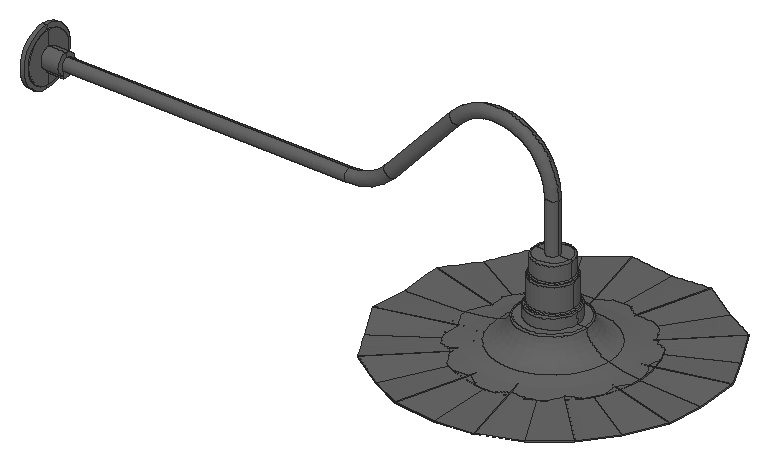
Revit family "Radial 8,12,16,18,20,24 MB", category Lighting Fixtures, Revit 2020
Family settings
  Round Connector Dimension = Use Diameter
  Part Type = Normal
  OmniClass Number = 23.80.70.00
  OmniClass Title = Lighting
  Work Plane-Based = No
  Always vertical = Yes
  Cut with Voids When Loaded = No
  Light Source = Yes
  Shared = No
  Room Calculation Point = No
Parameters (values of type "R924")
  b = 0' - 2"
  a = 0' - 11"
  Weight = "3.0 lbs"
  Wattage Comments = "200 W Max"
  Wattage = 20.1963 W
  Warranty = "5 year limited warranty"  # constant formula
  built-in parameter 1150110 = 1 (stored number, unit not read)
  Voltage = 277 V  # constant formula
  URL = "https://www.anplighting.com/assets/Uploads/product-attachments/specification-sheets/ANP-Specification-Sheet-RLM-MB-R924.pdf"
  built-in parameter 1114217 = 1 (stored number, unit not read)
  Tilt Angle = 90.00°
  built-in parameter 1150109 = 1 (stored number, unit not read)
  built-in parameter 1150134 = 12
  built-in parameter 1150113 = 1 (stored number, unit not read)
  R924 = yes
  R920 = no
  R918 = no
  R916 = no
  R912 = no
  R908 = no
  Photometric Web File = "R920-200GLCL-200INC-T15298.IES"
  Mounting Option [instance] = 4
  Power Factor = 1
  Post Mount [instance] = Mounting Option = 5  # no
  Placement X axis side [instance] = if(Post Mount, 2' 2 15/32", if(Cord or Stem Mount, 0' 0", if(E36 20 inch, 1' 8 1/4", if(E 6 26 inch, 2' 2", if(E7 41 inch, 3' 5 1/4", 0' 1")))))  # 3' - 5 1/4"
  Model = "R924"
  Manufacturer = "ANP Lighting"  # constant formula
  built-in parameter 1150105 = 464.54 (stored number, unit not read)
  Lumens = 3000 lm
  built-in parameter 1150115 = 1 (stored number, unit not read)
  Load Classification = Lighting
  Light Source Height [instance] = 0' - 0"
  built-in parameter 1150137 = (empty or 0)
  built-in parameter 1150139 = (empty or 0)
  Light Elevation _2 [instance] = if(Post Mount, 0' 0.66142", if(E7 41 inch, 0' 0.66142", if(E36 20 inch, 0' 1.65748", if(E 6 26 inch, 0' 1.53543", if(Cord or Stem Mount, (0' 4.3622" + Cord Length), 0' 0")))))  # 0' - 0.66142"
  Light Elevation _1 [instance] = if(Post Mount, 0' 0", if(E7 41 inch, 0' 0", if(E36 20 inch, 0' 1", if(E 6 26 inch, 0' 0.87402", if(Cord or Stem Mount, (0' 3.66142" + Cord Length), 0' 0")))))  # 0' - 0"
  Light Elevation [instance] = if(Post Mount, 14' 0.5315", if(E7 41 inch, 0' 0", 0' 0"))  # 0' - 0"
  Life = "L70 50,000 hours"  # constant formula
  built-in parameter 1150112 = 1 (stored number, unit not read)
  built-in parameter 1150114 = 1 (stored number, unit not read)
  Lamp = "MB"  # constant formula
  built-in parameter 1150132 = 2
  built-in parameter 1150102 = (empty or 0)
  built-in parameter 1150107 = 4000 (stored number, unit not read)
  built-in parameter 1150138 = (empty or 0)
  built-in parameter 1150106 = 4.6454 (stored number, unit not read)
  INSIDE BODY = Default
  Fixture Height = 0' - 7"
  Fixture Diameter = 2' - 0"
  Efficiency = "65-125 lumens per watt"  # constant formula
  built-in parameter 1150104 = 13.8 (stored number, unit not read)
  E7 41 inch [instance] = Mounting Option = 4  # yes
  E36 20 inch [instance] = Mounting Option = 3  # no
  E 6 26 inch [instance] = Mounting Option = 2  # no
  Dimming Lamp Color Temperature Shift = <None>
  Dimming = "1%"  # constant formula
  Description = "120-277 Voltage"  # constant formula
  Default Elevation = 0' - 0"
  Cord or Stem Mount [instance] = Mounting Option = 1  # no
  Cord Length option [instance] = 0
  Cord Length [instance] = if([2' Cord], 2' 0", if([4' Cord], 4' 0", if([8' Cord], 8' 0", if([10' Cord], 10' 0", if([6' Cord], 6' 0", 6' 0")))))  # 6' - 0"
  Construction Material = "Heavy Duty spun aluminum."  # constant formula
  Color Filter = 16777215
  Canopy Body = body
  CRI = ">90"  # constant formula
  Bulb = Glass
  Body Material = body
  Body Colour = "Spun aluminium"  # constant formula
  built-in parameter 1114218 = 1 (stored number, unit not read)
  built-in parameter 1150133 = 10 (stored number, unit not read)
  Apparent Load = 200 VA
  8' Cord [instance] = Cord Length option = 8  # no
  6' Cord [instance] = Cord Length option = 6  # no
  4' Cord [instance] = Cord Length option = 4  # no
  2' Cord [instance] = Cord Length option = 2  # no
  10' Cord [instance] = Cord Length option = 10  # no
Reference planes (in)
  plane 1 "Light Source Axis (F/B)": y = 0
  plane 2: z = 0
  plane 3 "Light Source Axis (L/R)": x = 0
  plane 4 "Light Source Elevation": z = 0
  plane 5: z = 0
  plane 6: x = 41.25
  plane 7 "Bulb Position": z = -0.66142
  plane 8 "Canopy Position": z = 0
  plane 9 "IES": z = -0.66142
  plane 10: z = 164.5315
  plane 11: z = -11
  plane 12: z = -9
  plane 13: z = -6.56887
Dimensions and locks (in)
  "Light Elevation": plane 5 to plane 2
  "Placement X axis side": plane 6 to plane 3 "Light Source Axis (L/R)"
  "Light Elevation _2": plane 5 to plane 7 "Bulb Position"
  "Light Elevation _1": plane 5 to plane 8 "Canopy Position"
  "Light Source Height": plane 7 "Bulb Position" to plane 9 "IES"
  plane 4 "Light Source Elevation" to plane 2 = 0' - 0"
  "a": plane 8 "Canopy Position" to plane 11
  "b": plane 12 to plane 11
  locked: plane 13 to plane 12 at 2.43113
  aligned and locked: level to plane 2
  aligned and locked: plane 1 "Light Source Axis (F/B)" to nested 5
  aligned and locked: nested 5 to plane 2
  aligned and locked: nested 1 to plane 3 "Light Source Axis (L/R)"
  aligned and locked: plane 3 "Light Source Axis (L/R)" to nested 2
  aligned and locked: plane 3 "Light Source Axis (L/R)" to nested 4
  aligned and locked: nested 3 to plane 5
  aligned and locked: plane 3 "Light Source Axis (L/R)" to nested 3
  aligned and locked: plane 3 "Light Source Axis (L/R)" to nested 5
  aligned and locked: plane 1 "Light Source Axis (F/B)" to nested 2
  aligned and locked: plane 1 "Light Source Axis (F/B)" to nested 1
  aligned and locked: plane 1 "Light Source Axis (F/B)" to nested 4
  aligned and locked: plane 1 "Light Source Axis (F/B)" to nested 3
  aligned and locked: plane 2 to nested 1
  aligned and locked: nested 2 to plane 2
  aligned and locked: nested 4 to plane 2
  aligned and locked: plane 6 to imposter light
  aligned and locked: imposter light to plane 12
  aligned and locked: nested 6 to plane 8 "Canopy Position"
  aligned and locked: nested 7 to plane 8 "Canopy Position"
  aligned and locked: nested 8 to plane 8 "Canopy Position"
  aligned and locked: nested 9 to plane 8 "Canopy Position"
  aligned and locked: nested 10 to plane 8 "Canopy Position"
  aligned and locked: nested 11 to plane 8 "Canopy Position"
  aligned and locked: plane 6 to nested 6
  aligned and locked: plane 6 to nested 7
  aligned and locked: plane 6 to nested 8
  aligned and locked: plane 6 to nested 9
  aligned and locked: plane 6 to nested 10
  aligned and locked: plane 6 to nested 11
Nested families (in)
  nested 1: "CORD OR STEM MOUNT" at (0, 0, -75.67), visible <- "Cord or Stem Mount", Cord or Stem Mount <- "Cord or Stem Mount", Body Material <- "Body Material", Light Elevation <- "Light Elevation", Cord Length <- "Cord Length", 10' Cord <- "10' Cord", 2' Cord <- "2' Cord", 4' Cord <- "4' Cord", 6' Cord <- "6' Cord", 8' Cord <- "8' Cord", type "CORD OR STEM MOUNT"
    with Light Elevation 0' - 0", Cord or Stem Mount no, Cord Length 6' - 0", Body Material body, 8' Cord no, 6' Cord no, 4' Cord no, 2' Cord no, 10' Cord no
  nested 2: "E6 26 INCH" at (41.25, 0, 0), visible <- "E 6 26 inch", Chain Length <- "Cord Length", E 6 26 inch <- "E 6 26 inch", Placement X axis side <- "Placement X axis side", Body Material <- "Body Material", Light Elevation <- "Light Elevation", type "E6 26 INCH"
    with Placement X axis side 3' - 5 1/4", Light Elevation 0' - 0", E 6 26 inch no, Chain Length 6' - 0", Body Material body
  nested 3: "E7 41 INCH" at (41.25, 0, 0), Chain Length <- "Cord Length", visible <- "E7 41 inch", E7 41 inch <- "E7 41 inch", Placement X axis side <- "Placement X axis side", Body Material <- "Body Material", Light Elevation <- "Light Elevation", type "E7 41 INCH"
    with Placement X axis side 3' - 5 1/4", Light Elevation 0' - 0", E7 41 inch yes, Chain Length 6' - 0", Body Material body
  nested 4: "E36 20 INCH" at (41.25, 0, 0), visible <- "E36 20 inch", E36 20 inch <- "E36 20 inch", Placement X axis side <- "Placement X axis side", Chain Length <- "Cord Length", Body Material <- "Body Material", Light Elevation <- "Light Elevation", type "E36 20 INCH"
    with Placement X axis side 3' - 5 1/4", Light Elevation 0' - 0", E36 20 inch no, Chain Length 6' - 0", Body Material body
  nested 5: "POST MOUNT" at (41.25, 0, 0), visible <- "Post Mount", Post Mount <- "Post Mount", Placement X axis side <- "Placement X axis side", Chain Length <- "Cord Length", Body Material <- "Body Material", Light Elevation <- "Light Elevation", type "POST MOUNT"
    with Post Mount no, Placement X axis side 3' - 5 1/4", Light Elevation 0' - 0", Chain Length 6' - 0", Body Material body
  nested 6: "R908_1" at (41.25, 0, 0), Body <- "Canopy Body", Light Elevation <- "Light Elevation", visible <- "R908", R908 <- "R908", type "R908_1"
    with R908 no, Light Elevation 0' - 0", Body body
  nested 7: "R912_1" at (41.25, 0, 0), Body <- "Canopy Body", Light Elevation <- "Light Elevation", visible <- "R912", R912 <- "R912", type "R912_1"
    with R912 no, Light Elevation 0' - 0", Body body
  nested 8: "R916_1" at (41.25, 0, 0), Body <- "Canopy Body", Light Elevation <- "Light Elevation", visible <- "R916", R916 <- "R916", type "R916_1"
    with R916 no, Light Elevation 0' - 0", Body body
  nested 9: "R918_1" at (41.25, 0, 0), Body <- "Canopy Body", Light Elevation <- "Light Elevation", visible <- "R918", R918 <- "R918", type "R918_1"
    with R918 no, Light Elevation 0' - 0", Body body
  nested 10: "R920_1" at (41.25, 0, 0), Body <- "Canopy Body", Light Elevation <- "Light Elevation", visible <- "R920", R920 <- "R920", type "R920_1"
    with R920 no, Light Elevation 0' - 0", Body body
  nested 11: "R924_1" at (41.25, 0, 0), Body <- "Canopy Body", Light Elevation <- "Light Elevation", visible <- "R924", R924 <- "R924", type "R924_1"
    with R924 yes, Light Elevation 0' - 0", Body body
Definition of nested family "E7 41 INCH"
  Parameters (values of type "E7 41 INCH")
    URL = ""
    Placement X axis side [instance] = 4' - 2"
    Model = ""
    Manufacturer = ""
    Light Elevation [instance] = 8' - 4"
    E7 41 inch [instance] = yes
    Default Elevation = 0' - 0"
    Chain Length [instance] = 0' - 0"
    Body Material [instance] = none
  Reference planes (in)
    plane 1 "Light Source Axis (F/B)": y = 0
    plane 2: z = 0
    plane 3 "Light Source Axis (L/R)": x = 0
    plane 4 "Light Source Elevation": z = 23.125
    plane 5: z = 100
    plane 6: x = -50
  Forms (in)
    Extrusion 1, void, not visible
      sketch origin (0, 0, 2.38154) x (1, 0, 0) y (0, 0, 1)
        loop
          circle (0, 4.59925) r 0.16583
      from 1.18594 to 1.75
    Extrusion 2, void, not visible
      sketch origin (0, 0, 2.38154) x (0.707107, -0.707107, 0) y (0, 0, 1)
        loop
          circle (0, 4.59925) r 0.16583
      from 1.18594 to 1.75
    Extrusion 3, void, not visible
      sketch origin (0, 0, 2.38154) x (0.707107, 0.707107, 0) y (0, 0, 1)
        loop
          circle (0, 4.59925) r 0.16583
      from 1.18594 to 1.75
    Extrusion 4, void, not visible
      sketch origin (0, 0, 2.38154) x (0, 1, 0) y (0, 0, 1)
        loop
          circle (0, 4.59925) r 0.16583
      from 1.18594 to 1.75
    Extrusion 5, void, not visible
      sketch origin (0, 0, 2.38154) x (-0.707107, 0.707107, 0) y (0, 0, 1)
        loop
          circle (0, 4.59925) r 0.16583
      from 1.18594 to 1.75
    Extrusion 6, void, not visible
      sketch origin (0, 0, 2.38154) x (-1, 0, 0) y (0, 0, 1)
        loop
          circle (0, 4.59925) r 0.20678
      from 1.18594 to 1.75
    Extrusion 7, void, not visible
      sketch origin (0, 0, 2.38154) x (-0.707107, -0.707107, 0) y (0, 0, 1)
        loop
          circle (0, 4.59925) r 0.16583
      from 1.18594 to 1.75
    Extrusion 8, void, not visible
      sketch origin (0, 0, 2.38154) x (0, -1, 0) y (0, 0, 1)
        loop
          circle (0, 4.59925) r 0.16583
      from 1.18594 to 1.75
    Revolve 9, solid, material <- "Body Material", visible <- "E7 41 inch"
      sketch origin (-41.25, 0, 168.39193) x (1, 0, 0) y (0, 0, 1)
        loop
          line (-8.75, -66.20443) -> (-8.75, -68.51693) -> (-6.87, -68.51693) -> (-6.87, -67.69272) -> (-8.2974, -67.69272) -> (-8.2974, -66.54122) -> (-8.41875, -66.54122) -> (-8.41875, -66.20443) -> (-8.75, -66.20443)
        axis (-8.75, -68.51693) -> (-6.87, -68.51693)
      angle from 0 to 360
    Extrusion 10, solid, material <- "Body Material", visible <- "E7 41 inch"
      sketch origin (-41.25, 0, 168.39193) x (0, -1, 0) y (0, 0, -1)
        loop
          line (0.25, 68.51693) -> (0.25, 69.51693) -> (-0.25, 69.51693) -> (-0.25, 68.51693) -> (0.25, 68.51693)
      from -8.2974 to -6.87
    Sweep 11, solid, material <- "Body Material", visible <- "E7 41 inch"
      path origin (-41.25, 0, 168.39193) x (1, 0, 0) y (0, 0, 1)
        loop
          line (-6.87, -68.51693) -> (16.04011, -68.51693)
          arc (16.04011, -68.51693) -> (17.864, -68.13651) -> (19.38375, -67.0587) r 4.5625
          line (19.38375, -67.0587) -> (24.70217, -61.33018)
          arc (24.70217, -61.33018) -> (29.64465, -60.20324) -> (32.5, -64.39193) r 4.5
          line (32.5, -64.39193) -> (32.5, -68.39193)
      profile origin (-36.66494, 0, 99.875) x (0, 0, 1) y (0, -1, 0)
        loop
          circle (0, 0) r 0.5
  Dimensions and locks (in)
    "Placement X axis side": plane 3 "Light Source Axis (L/R)" to plane 6
    "Light Elevation": plane 5 to plane 2
    locked: Revolve 9 sketch curve to Revolve 9 sketch curve at 0.33125
    locked: Revolve 9 sketch curve to Revolve 9 sketch curve at 0.4526
    locked: Revolve 9 sketch curve to Revolve 9 sketch curve at 1.88
    locked: Revolve 9 sketch curve to Revolve 9 sketch curve at 0.82421
    locked: Revolve 9 sketch curve to Revolve 9 sketch curve at 1.1515
    locked: Revolve 9 sketch curve to Revolve 9 sketch curve at 0.33679
    locked: plane 5 to Revolve 9 sketch curve at 0.125
    locked: Extrusion 10 sketch curve to Extrusion 10 sketch curve at 0.5
    locked: Extrusion 10 sketch curve to Extrusion 10 sketch curve at 1
    locked: plane 5 to Extrusion 10 sketch curve at 0.125
    locked: plane 5 to Sweep 11 sketch curve at 0.125
    locked: Sweep 11 sketch curve to Sweep 11 sketch curve at 39.37
    locked: Sweep 11 sketch curve to Sweep 11 sketch curve at 4
    locked: plane 6 to Extrusion 10 at 0.4526
    locked: Sweep 11 sketch curve to plane 6 at 1.88
    locked: Extrusion 10 to Extrusion 10 at 1.4274
    aligned and locked: plane 2 to level
    aligned and locked: Revolve 9 sketch curve to plane 6
  Automatic sketch dimensions
    Revolve 9 sketch curve to plane 5 = 0' - 0 1/8"
    plane 6 to Revolve 9 sketch curve = 0' - 0.62562"
    Revolve 9 sketch curve to Revolve 9 sketch curve = 0' - 0 1/2"
    plane 1 "Light Source Axis (F/B)" to Extrusion 10 sketch curve = 0' - 0 1/4"
    Sweep 11 sketch curve to plane 5 = 0' - 0"
    Sweep 11 sketch curve to Sweep 11 sketch curve = 0' - 4 1/2"
    Sweep 11 sketch curve to Sweep 11 sketch curve = 0' - 3.29783"
    plane 5 to Sweep 11 sketch curve = 0' - 1.33323"
    Sweep 11 sketch curve to Sweep 11 sketch curve = 0' - 5.31842"
    Sweep 11 sketch curve to Sweep 11 sketch curve = 0' - 3.34364"
    profile plane to Sweep 11 sketch curve = 0' - 0"
    Sweep 11 sketch curve to profile plane = 0' - 0"
    radius of Sweep 11 sketch curve = 0' - 0 1/2"
Definition of nested family "R924_1"
  Parameters (values of type "R924_1")
    R924 [instance] = yes
    Light Elevation [instance] = 2' - 0.60834"
    Default Elevation = 0' - 0"
    Body [instance] = none
  Reference planes (in)
    plane 1 "Center (Front/Back)": y = 0
    plane 2: z = 0
    plane 3 "Center (Left/Right)": x = 0
    plane 4: z = 24.60834
  Dimensions and locks (in)
    "Light Elevation": plane 4 to plane 2
    aligned and locked: plane 2 to level
    aligned and locked: plane 3 "Center (Left/Right)" to nested 1
    aligned and locked: plane 1 "Center (Front/Back)" to nested 1
    aligned and locked: plane 4 to nested 1
  Nested families (in)
    nested 1: "R924" at (0, 0, 17.60834), body <- "Body", visible <- "R924", R924 <- "R924", type "R924"
      with body none, R924 yes
  Definition of nested family "R924"
    Parameters (values of type "R924")
      body [instance] = none
      R924 [instance] = yes
      Default Elevation = 0' - 0"
    Reference planes (in)
      plane 1 "Center (Front/Back)": y = 0
      plane 2: z = 0
      plane 3 "Center (Left/Right)": x = 0
      plane 4: z = 7
      plane 5: x = 12
      plane 6: x = -12
    Forms (in)
      SweptBlend 1, solid, material <- "body", visible <- "R924"
        path in 3D
          loop
            line (-12, 0, 0.3125) -> (-5, 0, 0.3125)
        profile origin (-12, 0, 0.3125) x (0, 1, 0) y (0, 0, 1)
          loop
            line (0, -0.25) -> (-3.21484, 0) -> (-3.21484, -0.06269) -> (0, -0.31269) -> (3.21484, -0.06269) -> (3.21484, 0) -> (0, -0.25)
        end profile origin (-5, 0, 0.3125) x (0, 1, 0) y (0, 0, 1)
          loop
            line (0, 0) -> (-1.34375, 0) -> (-1.34375, -0.0625) -> (0, -0.0625) -> (1.34375, -0.0625) -> (1.34375, 0) -> (0, 0)
      SweptBlend 2, solid, material <- "body", visible <- "R924"
        path in 3D
          loop
            line (-10.3923, 6, 0.3125) -> (-4.33013, 2.5, 0.3125)
        profile origin (-10.3923, 6, 0.3125) x (0.5, 0.866025, 0) y (0, 0, 1)
          loop
            line (0, -0.25) -> (-3.21484, 0) -> (-3.21484, -0.06269) -> (0, -0.31269) -> (3.21484, -0.06269) -> (3.21484, 0) -> (0, -0.25)
        end profile origin (-4.33013, 2.5, 0.3125) x (0.5, 0.866025, 0) y (0, 0, 1)
          loop
            line (0, 0) -> (-1.34375, 0) -> (-1.34375, -0.0625) -> (0, -0.0625) -> (1.34375, -0.0625) -> (1.34375, 0) -> (0, 0)
      SweptBlend 3, solid, material <- "body", visible <- "R924"
        path in 3D
          loop
            line (-6, 10.3923, 0.3125) -> (-2.5, 4.33013, 0.3125)
        profile origin (-6, 10.3923, 0.3125) x (0.866025, 0.5, 0) y (0, 0, 1)
          loop
            line (0, -0.25) -> (-3.21484, 0) -> (-3.21484, -0.06269) -> (0, -0.31269) -> (3.21484, -0.06269) -> (3.21484, 0) -> (0, -0.25)
        end profile origin (-2.5, 4.33013, 0.3125) x (0.866025, 0.5, 0) y (0, 0, 1)
          loop
            line (0, 0) -> (-1.34375, 0) -> (-1.34375, -0.0625) -> (0, -0.0625) -> (1.34375, -0.0625) -> (1.34375, 0) -> (0, 0)
      SweptBlend 4, solid, material <- "body", visible <- "R924"
        path in 3D
          loop
            line (0, 12, 0.3125) -> (0, 5, 0.3125)
        profile origin (0, 12, 0.3125) x (1, 0, 0) y (0, 0, 1)
          loop
            line (0, -0.25) -> (-3.21484, 0) -> (-3.21484, -0.06269) -> (0, -0.31269) -> (3.21484, -0.06269) -> (3.21484, 0) -> (0, -0.25)
        end profile origin (0, 5, 0.3125) x (1, 0, 0) y (0, 0, 1)
          loop
            line (0, 0) -> (-1.34375, 0) -> (-1.34375, -0.0625) -> (0, -0.0625) -> (1.34375, -0.0625) -> (1.34375, 0) -> (0, 0)
      SweptBlend 5, solid, material <- "body", visible <- "R924"
        path in 3D
          loop
            line (6, 10.3923, 0.3125) -> (2.5, 4.33013, 0.3125)
        profile origin (6, 10.3923, 0.3125) x (0.866025, -0.5, 0) y (0, 0, 1)
          loop
            line (0, -0.25) -> (-3.21484, 0) -> (-3.21484, -0.06269) -> (0, -0.31269) -> (3.21484, -0.06269) -> (3.21484, 0) -> (0, -0.25)
        end profile origin (2.5, 4.33013, 0.3125) x (0.866025, -0.5, 0) y (0, 0, 1)
          loop
            line (0, 0) -> (-1.34375, 0) -> (-1.34375, -0.0625) -> (0, -0.0625) -> (1.34375, -0.0625) -> (1.34375, 0) -> (0, 0)
      SweptBlend 6, solid, material <- "body", visible <- "R924"
        path in 3D
          loop
            line (10.3923, 6, 0.3125) -> (4.33013, 2.5, 0.3125)
        profile origin (10.3923, 6, 0.3125) x (0.5, -0.866025, 0) y (0, 0, 1)
          loop
            line (0, -0.25) -> (-3.21484, 0) -> (-3.21484, -0.06269) -> (0, -0.31269) -> (3.21484, -0.06269) -> (3.21484, 0) -> (0, -0.25)
        end profile origin (4.33013, 2.5, 0.3125) x (0.5, -0.866025, 0) y (0, 0, 1)
          loop
            line (0, 0) -> (-1.34375, 0) -> (-1.34375, -0.0625) -> (0, -0.0625) -> (1.34375, -0.0625) -> (1.34375, 0) -> (0, 0)
      SweptBlend 7, solid, material <- "body", visible <- "R924"
        path in 3D
          loop
            line (12, 0, 0.3125) -> (5, 0, 0.3125)
        profile origin (12, 0, 0.3125) x (0, -1, 0) y (0, 0, 1)
          loop
            line (0, -0.25) -> (-3.21484, 0) -> (-3.21484, -0.06269) -> (0, -0.31269) -> (3.21484, -0.06269) -> (3.21484, 0) -> (0, -0.25)
        end profile origin (5, 0, 0.3125) x (0, -1, 0) y (0, 0, 1)
          loop
            line (0, 0) -> (-1.34375, 0) -> (-1.34375, -0.0625) -> (0, -0.0625) -> (1.34375, -0.0625) -> (1.34375, 0) -> (0, 0)
      SweptBlend 8, solid, material <- "body", visible <- "R924"
        path in 3D
          loop
            line (10.3923, -6, 0.3125) -> (4.33013, -2.5, 0.3125)
        profile origin (10.3923, -6, 0.3125) x (-0.5, -0.866025, 0) y (0, 0, 1)
          loop
            line (0, -0.25) -> (-3.21484, 0) -> (-3.21484, -0.06269) -> (0, -0.31269) -> (3.21484, -0.06269) -> (3.21484, 0) -> (0, -0.25)
        end profile origin (4.33013, -2.5, 0.3125) x (-0.5, -0.866025, 0) y (0, 0, 1)
          loop
            line (0, 0) -> (-1.34375, 0) -> (-1.34375, -0.0625) -> (0, -0.0625) -> (1.34375, -0.0625) -> (1.34375, 0) -> (0, 0)
      SweptBlend 9, solid, material <- "body", visible <- "R924"
        path in 3D
          loop
            line (6, -10.3923, 0.3125) -> (2.5, -4.33013, 0.3125)
        profile origin (6, -10.3923, 0.3125) x (-0.866025, -0.5, 0) y (0, 0, 1)
          loop
            line (0, -0.25) -> (-3.21484, 0) -> (-3.21484, -0.06269) -> (0, -0.31269) -> (3.21484, -0.06269) -> (3.21484, 0) -> (0, -0.25)
        end profile origin (2.5, -4.33013, 0.3125) x (-0.866025, -0.5, 0) y (0, 0, 1)
          loop
            line (0, 0) -> (-1.34375, 0) -> (-1.34375, -0.0625) -> (0, -0.0625) -> (1.34375, -0.0625) -> (1.34375, 0) -> (0, 0)
      SweptBlend 10, solid, material <- "body", visible <- "R924"
        path in 3D
          loop
            line (0, -12, 0.3125) -> (0, -5, 0.3125)
        profile origin (0, -12, 0.3125) x (-1, 0, 0) y (0, 0, 1)
          loop
            line (0, -0.25) -> (-3.21484, 0) -> (-3.21484, -0.06269) -> (0, -0.31269) -> (3.21484, -0.06269) -> (3.21484, 0) -> (0, -0.25)
        end profile origin (0, -5, 0.3125) x (-1, 0, 0) y (0, 0, 1)
          loop
            line (0, 0) -> (-1.34375, 0) -> (-1.34375, -0.0625) -> (0, -0.0625) -> (1.34375, -0.0625) -> (1.34375, 0) -> (0, 0)
      SweptBlend 11, solid, material <- "body", visible <- "R924"
        path in 3D
          loop
            line (-6, -10.3923, 0.3125) -> (-2.5, -4.33013, 0.3125)
        profile origin (-6, -10.3923, 0.3125) x (-0.866025, 0.5, 0) y (0, 0, 1)
          loop
            line (0, -0.25) -> (-3.21484, 0) -> (-3.21484, -0.06269) -> (0, -0.31269) -> (3.21484, -0.06269) -> (3.21484, 0) -> (0, -0.25)
        end profile origin (-2.5, -4.33013, 0.3125) x (-0.866025, 0.5, 0) y (0, 0, 1)
          loop
            line (0, 0) -> (-1.34375, 0) -> (-1.34375, -0.0625) -> (0, -0.0625) -> (1.34375, -0.0625) -> (1.34375, 0) -> (0, 0)
      SweptBlend 12, solid, material <- "body", visible <- "R924"
        path in 3D
          loop
            line (-10.3923, -6, 0.3125) -> (-4.33013, -2.5, 0.3125)
        profile origin (-10.3923, -6, 0.3125) x (-0.5, 0.866025, 0) y (0, 0, 1)
          loop
            line (0, -0.25) -> (-3.21484, 0) -> (-3.21484, -0.06269) -> (0, -0.31269) -> (3.21484, -0.06269) -> (3.21484, 0) -> (0, -0.25)
        end profile origin (-4.33013, -2.5, 0.3125) x (-0.5, 0.866025, 0) y (0, 0, 1)
          loop
            line (0, 0) -> (-1.34375, 0) -> (-1.34375, -0.0625) -> (0, -0.0625) -> (1.34375, -0.0625) -> (1.34375, 0) -> (0, 0)
      Revolve 13, solid, material <- "body", visible <- "R924"
        sketch origin (-40.40707, 0, -13.56592) x (1, 0, 0) y (0, 0, 1)
          loop
            line (38.87582, 20.44092) -> (38.87582, 19.28234)
            arc (38.87582, 19.28234) -> (38.86103, 19.22336) -> (38.82015, 19.17834) r 0.125
            line (38.82015, 19.17834) -> (38.74398, 19.12756)
            arc (38.74398, 19.12756) -> (38.70311, 19.08253) -> (38.68832, 19.02355) r 0.125
            line (38.68832, 19.02355) -> (38.68832, 17.1677)
            arc (38.68832, 17.1677) -> (38.66965, 17.10198) -> (38.61922, 17.0559) r 0.125
            line (38.61922, 17.0559) -> (38.50674, 16.99966)
            arc (38.50674, 16.99966) -> (38.4566, 16.95404) -> (38.43765, 16.88895) r 0.125
            line (38.43765, 16.88895) -> (38.43068, 16.09045) -> (37.81868, 16.09045)
            arc (37.81868, 16.09045) -> (37.74198, 16.06415) -> (37.69756, 15.99632) r 0.125
            arc (37.69756, 15.99632) -> (37.0504, 14.86618) -> (35.91364, 14.23075) r 2.43675
            arc (35.91364, 14.23075) -> (34.63728, 13.95906) -> (33.33872, 13.82994) r 11.8025
            line (33.33872, 13.82994) -> (33.33872, 13.76738)
            arc (33.33872, 13.76738) -> (34.64514, 13.89703) -> (35.92924, 14.17022) r 11.865
            arc (35.92924, 14.17022) -> (37.09465, 14.82205) -> (37.75812, 15.98088) r 2.49925
            arc (37.75812, 15.98088) -> (37.78033, 16.0148) -> (37.81868, 16.02795) r 0.0625
            line (37.81868, 16.02795) -> (38.49264, 16.02795) -> (38.50015, 16.8884)
            arc (38.50015, 16.8884) -> (38.50962, 16.92095) -> (38.53469, 16.94376) r 0.0625
            line (38.53469, 16.94376) -> (38.64717, 17)
            arc (38.64717, 17) -> (38.72281, 17.06913) -> (38.75082, 17.1677) r 0.1875
            line (38.75082, 17.1677) -> (38.75082, 19.02355)
            arc (38.75082, 19.02355) -> (38.75821, 19.05304) -> (38.77865, 19.07555) r 0.0625
            line (38.77865, 19.07555) -> (38.85482, 19.12634)
            arc (38.85482, 19.12634) -> (38.91613, 19.19387) -> (38.93832, 19.28234) r 0.1875
            line (38.93832, 19.28234) -> (38.93832, 20.4342)
            arc (38.93832, 20.4342) -> (38.95662, 20.47839) -> (39.00082, 20.4967) r 0.0625
            line (39.00082, 20.4967) -> (40.15707, 20.4967) -> (40.15707, 20.56592) -> (39.00082, 20.56592)
            arc (39.00082, 20.56592) -> (38.91243, 20.52931) -> (38.87582, 20.44092) r 0.125
          axis (40.40707, 20.56592) -> (40.40707, 13.76738)
        angle from 0 to 360
    Lines and regions (in)
      sketch lines
        curve 1: line (-12, 0, 0.3125) -> (-5, 0, 0.3125)
        curve 2: line (-10.3923, 6, 0.3125) -> (-4.33013, 2.5, 0.3125)
        curve 3: line (-6, 10.3923, 0.3125) -> (-2.5, 4.33013, 0.3125)
        curve 4: line (0, 12, 0.3125) -> (0, 5, 0.3125)
        curve 5: line (6, 10.3923, 0.3125) -> (2.5, 4.33013, 0.3125)
        curve 6: line (10.3923, 6, 0.3125) -> (4.33013, 2.5, 0.3125)
        curve 7: line (12, 0, 0.3125) -> (5, 0, 0.3125)
        curve 8: line (10.3923, -6, 0.3125) -> (4.33013, -2.5, 0.3125)
        curve 9: line (6, -10.3923, 0.3125) -> (2.5, -4.33013, 0.3125)
        curve 10: line (0, -12, 0.3125) -> (0, -5, 0.3125)
        curve 11: line (-6, -10.3923, 0.3125) -> (-2.5, -4.33013, 0.3125)
        curve 12: line (-10.3923, -6, 0.3125) -> (-4.33013, -2.5, 0.3125)
    Dimensions and locks (in)
      plane 4 to plane 2 = 0' - 7"
      plane 5 to plane 3 "Center (Left/Right)" = 1' - 0"
      aligned and locked: plane 2 to level
Definition of nested family "CORD OR STEM MOUNT"
  Parameters (values of type "CORD OR STEM MOUNT")
    URL = ""
    Model = ""
    Manufacturer = ""
    Light Elevation [instance] = 1' - 7.69"
    Default Elevation = 0' - 0"
    Cord or Stem Mount [instance] = yes
    Cord Length [instance] = 6' - 0"
    Body Material [instance] = none
    8' Cord [instance] = no
    6' Cord [instance] = no
    4' Cord [instance] = no
    2' Cord [instance] = no
    10' Cord [instance] = no
  Reference planes (in)
    plane 1 "Light Source Axis (F/B)": y = 0
    plane 2: z = 0
    plane 3 "Light Source Axis (L/R)": x = 0
    plane 4 "Light Source Elevation": z = 23.125
    plane 5: z = 91.69
    plane 6: z = 19.69
  Forms (in)
    Extrusion 1, void, not visible
      sketch origin (0, 0, 2.38154) x (1, 0, 0) y (0, 0, 1)
        loop
          circle (0, 4.59925) r 0.16583
      from 1.18594 to 1.75
    Extrusion 2, void, not visible
      sketch origin (0, 0, 2.38154) x (0.707107, -0.707107, 0) y (0, 0, 1)
        loop
          circle (0, 4.59925) r 0.16583
      from 1.18594 to 1.75
    Extrusion 3, void, not visible
      sketch origin (0, 0, 2.38154) x (0.707107, 0.707107, 0) y (0, 0, 1)
        loop
          circle (0, 4.59925) r 0.16583
      from 1.18594 to 1.75
    Extrusion 4, void, not visible
      sketch origin (0, 0, 2.38154) x (0, 1, 0) y (0, 0, 1)
        loop
          circle (0, 4.59925) r 0.16583
      from 1.18594 to 1.75
    Extrusion 5, void, not visible
      sketch origin (0, 0, 2.38154) x (-0.707107, 0.707107, 0) y (0, 0, 1)
        loop
          circle (0, 4.59925) r 0.16583
      from 1.18594 to 1.75
    Extrusion 6, void, not visible
      sketch origin (0, 0, 2.38154) x (-1, 0, 0) y (0, 0, 1)
        loop
          circle (0, 4.59925) r 0.20678
      from 1.18594 to 1.75
    Extrusion 7, void, not visible
      sketch origin (0, 0, 2.38154) x (-0.707107, -0.707107, 0) y (0, 0, 1)
        loop
          circle (0, 4.59925) r 0.16583
      from 1.18594 to 1.75
    Extrusion 8, void, not visible
      sketch origin (0, 0, 2.38154) x (0, -1, 0) y (0, 0, 1)
        loop
          circle (0, 4.59925) r 0.16583
      from 1.18594 to 1.75
    Revolve 9, solid, material <- "Body Material", visible <- "Cord or Stem Mount"
      sketch origin (0, 0, 174.56698) x (1, 0, 0) y (0, 0, 1)
        loop
          line (2.6875, -79.20698) -> (0, -79.20698) -> (0, -82.87698) -> (0.125, -82.87698) -> (0.125, -82.83698) -> (0.75, -82.83698)
          arc (0.75, -82.83698) -> (0.81694, -82.77004) -> (0.75, -82.7031) r 0.06694
          line (0.75, -82.7031) -> (0.89763, -82.7031) -> (1.00223, -82.5985) -> (1.06587, -82.5985)
          arc (1.06587, -82.5985) -> (1.80099, -82.29401) -> (2.10549, -81.55888) r 1.03962
          line (2.10549, -81.55888) -> (2.10549, -81.03899)
          arc (2.10549, -81.03899) -> (2.12951, -80.981) -> (2.1875, -80.95698) r 0.08201
          line (2.1875, -80.95698) -> (2.1875, -80.70698) -> (2.6875, -80.70698) -> (2.6875, -79.20698)
        axis (0, -79.20698) -> (0, -82.87698)
      angle from 0 to 360
    Revolve 10, solid, material <- "Body Material", visible <- "Cord or Stem Mount"
      sketch origin (0, 0, 0) x (1, 0, 0) y (0, 0, 1)
        loop
          line (0, 91.69) -> (-0.125, 91.69) -> (-0.125, 19.69) -> (0, 19.69) -> (0, 91.69)
        axis (0, 19.69) -> (0, 91.69)
      angle from 0 to 360
  Dimensions and locks (in)
    "Light Elevation": plane 6 to plane 2
    "Cord Length": plane 5 to plane 6
    locked: Revolve 10 sketch curve to Revolve 10 sketch curve at 0.125
    aligned and locked: level to plane 2
    aligned and locked: Revolve 10 sketch curve to plane 3 "Light Source Axis (L/R)"
    aligned and locked: Revolve 10 sketch curve to plane 6
    aligned and locked: Revolve 10 sketch curve to plane 5
    aligned and locked: plane 3 "Light Source Axis (L/R)" to Revolve 10 sketch curve
  Automatic sketch dimensions
    Revolve 9 sketch curve to plane 3 "Light Source Axis (L/R)" = 0' - 0"  (x2)
    Revolve 9 sketch curve to plane 5 = 0' - 0"
    plane 3 "Light Source Axis (L/R)" to Revolve 9 sketch curve = 0' - 0 1/8"
    Revolve 9 sketch curve to plane 5 = 0' - 0.17388"
    Revolve 9 sketch curve to Revolve 9 sketch curve = 0' - 0 5/8"
    Revolve 9 sketch curve to Revolve 9 sketch curve = 0' - 0.14763"
    Revolve 9 sketch curve to plane 5 = 0' - 0.27847"
    Revolve 9 sketch curve to Revolve 9 sketch curve = 0' - 0.1046"
    Revolve 9 sketch curve to Revolve 9 sketch curve = 0' - 0.06364"
    Revolve 9 sketch curve to Revolve 9 sketch curve = 0' - 1.03962"
    Revolve 9 sketch curve to Revolve 9 sketch curve = 0' - 0 21/256"
    Revolve 9 sketch curve to Revolve 9 sketch curve = 0' - 0 1/2"  (x2)
    Revolve 9 sketch curve to Revolve 9 sketch curve = 0' - 0.51989"
    Revolve 9 sketch curve to Revolve 9 sketch curve = 0' - 0 1/4"
    Revolve 9 sketch curve to Revolve 9 sketch curve = 0' - 2.3519"
    Revolve 9 sketch curve to Revolve 9 sketch curve = 0' - 1 1/4"
    Revolve 9 sketch curve to Revolve 9 sketch curve = 0' - 0.04"
    Revolve 10 sketch curve to Revolve 10 sketch curve = 0' - 0 1/2"
    Revolve 10 sketch curve to Revolve 10 sketch curve = 0' - 0.42345"
Definition of nested family "E6 26 INCH"
  Parameters (values of type "E6 26 INCH")
    URL = ""
    Placement X axis side [instance] = 2' - 2"
    Model = ""
    Manufacturer = ""
    Light Elevation [instance] = 8' - 4"
    E 6 26 inch [instance] = yes
    Default Elevation = 0' - 0"
    Chain Length [instance] = 0' - 0"
    Body Material [instance] = none
  Reference planes (in)
    plane 1 "Light Source Axis (F/B)": y = 0
    plane 2: z = 0
    plane 3 "Light Source Axis (L/R)": x = 0
    plane 4 "Light Source Elevation": z = 23.125
    plane 5: z = 100
    plane 6: x = -26
    plane 7: z = 99.125
    plane 8: x = -24.12
    plane 9: x = -25.5474
  Forms (in)
    Extrusion 1, void, not visible
      sketch origin (0, 0, 2.38154) x (1, 0, 0) y (0, 0, 1)
        loop
          circle (0, 4.59925) r 0.16583
      from 1.18594 to 1.75
    Extrusion 2, void, not visible
      sketch origin (0, 0, 2.38154) x (0.707107, -0.707107, 0) y (0, 0, 1)
        loop
          circle (0, 4.59925) r 0.16583
      from 1.18594 to 1.75
    Extrusion 3, void, not visible
      sketch origin (0, 0, 2.38154) x (0.707107, 0.707107, 0) y (0, 0, 1)
        loop
          circle (0, 4.59925) r 0.16583
      from 1.18594 to 1.75
    Extrusion 4, void, not visible
      sketch origin (0, 0, 2.38154) x (0, 1, 0) y (0, 0, 1)
        loop
          circle (0, 4.59925) r 0.16583
      from 1.18594 to 1.75
    Extrusion 5, void, not visible
      sketch origin (0, 0, 2.38154) x (-0.707107, 0.707107, 0) y (0, 0, 1)
        loop
          circle (0, 4.59925) r 0.16583
      from 1.18594 to 1.75
    Extrusion 6, void, not visible
      sketch origin (0, 0, 2.38154) x (-1, 0, 0) y (0, 0, 1)
        loop
          circle (0, 4.59925) r 0.20678
      from 1.18594 to 1.75
    Extrusion 7, void, not visible
      sketch origin (0, 0, 2.38154) x (-0.707107, -0.707107, 0) y (0, 0, 1)
        loop
          circle (0, 4.59925) r 0.16583
      from 1.18594 to 1.75
    Extrusion 8, void, not visible
      sketch origin (0, 0, 2.38154) x (0, -1, 0) y (0, 0, 1)
        loop
          circle (0, 4.59925) r 0.16583
      from 1.18594 to 1.75
    Sweep 9, solid, material <- "Body Material", visible <- "E 6 26 inch"
      path origin (-41.25, 0, 168.51693) x (1, 0, 0) y (0, 0, 1)
        loop
          line (17.13, -68.51693) -> (27.68551, -68.51693)
          arc (27.68551, -68.51693) -> (28.47996, -68.34486) -> (29.13202, -67.8595) r 1.92004
          line (29.13202, -67.8595) -> (34.23651, -62.01155)
          arc (34.23651, -62.01155) -> (38.65464, -60.89667) -> (41.25, -64.64193) r 4
          line (41.25, -64.64193) -> (41.25, -69.39193)
      profile origin (-18.84224, 0, 100) x (0, 0, 1) y (0, -1, 0)
        loop
          circle (0, 0) r 0.5
    Revolve 10, solid, material <- "Body Material", visible <- "E 6 26 inch"
      sketch origin (-26, 0, 168.51693) x (1, 0, 0) y (0, 0, 1)
        loop
          line (0, -66.07943) -> (0, -68.51693) -> (1.88, -68.51693) -> (1.88, -67.69272) -> (0.4526, -67.69272) -> (0.4526, -66.54122) -> (0.33125, -66.54122) -> (0.33125, -66.07943) -> (0, -66.07943)
        axis (0, -68.51693) -> (1.88, -68.51693)
      angle from 0 to 360
    Extrusion 11, solid, material <- "Body Material", visible <- "E 6 26 inch"
      sketch origin (-26, 0, 168.51693) x (0, -1, 0) y (0, 0, -1)
        loop
          line (0.25, 68.51693) -> (0.25, 69.51693) -> (-0.25, 69.51693) -> (-0.25, 68.51693) -> (0.25, 68.51693)
      from 0.4526 to 1.88
  Cuts and joins
    joined: Revolve 10, Extrusion 11
  Dimensions and locks (in)
    "Light Elevation": plane 5 to plane 2
    "Placement X axis side": plane 3 "Light Source Axis (L/R)" to plane 6
    locked: plane 5 to plane 7 at 0.875
    Revolve 10 sketch curve to Revolve 10 sketch curve to Revolve 10 sketch curve to plane 6 = 0' - 1.4274" locked, 0' - 0.12135" locked, 0' - 0.33125" locked
    Revolve 10 sketch curve to Revolve 10 sketch curve to Revolve 10 sketch curve to plane 5 = 0' - 0.46179" locked, 0' - 1.1515" locked, 0' - 0 211/256" locked
    locked: Sweep 9 sketch curve to plane 6 at 1.88
    locked: Sweep 9 sketch curve to Sweep 9 sketch curve at 10.55551
    locked: Sweep 9 sketch curve to Sweep 9 sketch curve at 13.56449
    locked: Sweep 9 sketch curve to Sweep 9 sketch curve at 4.75
    locked: plane 9 to plane 6 at 0.4526
    locked: plane 8 to plane 9 at 1.4274
    aligned and locked: level to plane 2
    aligned and locked: Revolve 10 sketch curve to plane 6
    aligned and locked: plane 5 to Revolve 10 sketch curve
    aligned and locked: Revolve 10 sketch curve to plane 5
    aligned and locked: cut or joined group of Revolve 10, Extrusion 11 to plane 9
    aligned and locked: plane 8 to cut or joined group of Revolve 10, Extrusion 11
  Automatic sketch dimensions
    Sweep 9 sketch curve to plane 5 = 0' - 0"
    Sweep 9 sketch curve to Sweep 9 sketch curve = 0' - 4"
    Sweep 9 sketch curve to Sweep 9 sketch curve = 0' - 3.01349"
    plane 5 to Sweep 9 sketch curve = 0' - 0.65743"
    Sweep 9 sketch curve to Sweep 9 sketch curve = 0' - 1.4465"
    Sweep 9 sketch curve to plane 5 = 0' - 0 7/8"
    profile plane to Sweep 9 sketch curve = 0' - 0"
    Sweep 9 sketch curve to profile plane = 0' - 0"
    plane 6 to Revolve 10 sketch curve = 0' - 0.62562"
    Revolve 10 sketch curve to Revolve 10 sketch curve = 0' - 0 1/2"
    Extrusion 11 sketch curve to plane 5 = 0' - 0"
    plane 1 "Light Source Axis (F/B)" to Extrusion 11 sketch curve = 0' - 0 1/4"
    Extrusion 11 sketch curve to plane 1 "Light Source Axis (F/B)" = 0' - 0 1/4"
    plane 5 to Extrusion 11 sketch curve = 0' - 1"
    radius of Sweep 9 sketch curve = 0' - 0 1/2"
Definition of nested family "E36 20 INCH"
  Parameters (values of type "E36 20 INCH")
    URL = ""
    Placement X axis side [instance] = 1' - 8 1/4"
    Model = ""
    Manufacturer = ""
    Light Elevation [instance] = 8' - 4"
    E36 20 inch [instance] = yes
    Default Elevation = 0' - 0"
    Chain Length [instance] = 0' - 0"
    Body Material [instance] = none
  Reference planes (in)
    plane 1 "Light Source Axis (F/B)": y = 0
    plane 2: z = 0
    plane 3 "Light Source Axis (L/R)": x = 0
    plane 4 "Light Source Elevation": z = 23.125
    plane 5: z = 99
    plane 6: x = -20.25
    plane 7: z = 100
    plane 8: x = -18.37008
    plane 9: x = -19.79724
  Forms (in)
    Extrusion 1, void, not visible
      sketch origin (0, 0, 2.38154) x (1, 0, 0) y (0, 0, 1)
        loop
          circle (0, 4.59925) r 0.16583
      from 1.18594 to 1.75
    Extrusion 2, void, not visible
      sketch origin (0, 0, 2.38154) x (0.707107, -0.707107, 0) y (0, 0, 1)
        loop
          circle (0, 4.59925) r 0.16583
      from 1.18594 to 1.75
    Extrusion 3, void, not visible
      sketch origin (0, 0, 2.38154) x (0.707107, 0.707107, 0) y (0, 0, 1)
        loop
          circle (0, 4.59925) r 0.16583
      from 1.18594 to 1.75
    Extrusion 4, void, not visible
      sketch origin (0, 0, 2.38154) x (0, 1, 0) y (0, 0, 1)
        loop
          circle (0, 4.59925) r 0.16583
      from 1.18594 to 1.75
    Extrusion 5, void, not visible
      sketch origin (0, 0, 2.38154) x (-0.707107, 0.707107, 0) y (0, 0, 1)
        loop
          circle (0, 4.59925) r 0.16583
      from 1.18594 to 1.75
    Extrusion 6, void, not visible
      sketch origin (0, 0, 2.38154) x (-1, 0, 0) y (0, 0, 1)
        loop
          circle (0, 4.59925) r 0.20678
      from 1.18594 to 1.75
    Extrusion 7, void, not visible
      sketch origin (0, 0, 2.38154) x (-0.707107, -0.707107, 0) y (0, 0, 1)
        loop
          circle (0, 4.59925) r 0.16583
      from 1.18594 to 1.75
    Extrusion 8, void, not visible
      sketch origin (0, 0, 2.38154) x (0, -1, 0) y (0, 0, 1)
        loop
          circle (0, 4.59925) r 0.16583
      from 1.18594 to 1.75
    Sweep 9, solid, material <- "Body Material", visible <- "E36 20 inch"
      path origin (-41.25, 0, 169.51693) x (1, 0, 0) y (0, 0, 1)
        loop
          line (22.88, -69.51693) -> (28.93827, -69.51693)
          arc (28.93827, -69.51693) -> (29.97705, -69.28152) -> (30.81284, -68.62128) r 2.40953
          line (30.81284, -68.62128) -> (34.13807, -64.50378)
          arc (34.13807, -64.50378) -> (38.58272, -63.24548) -> (41.25, -67.01693) r 4
          line (41.25, -67.01693) -> (41.25, -70.51693)
      profile origin (-15.34086, 0, 100) x (0, 0, 1) y (0, -1, 0)
        loop
          circle (0, 0) r 0.5
    Revolve 10, solid, material <- "Body Material", visible <- "E36 20 inch"
      sketch origin (-20.25, 0, 169.51693) x (1, 0, 0) y (0, 0, 1)
        loop
          line (0, -67.20443) -> (0, -69.51693) -> (1.88, -69.51693) -> (1.88, -68.69272) -> (0.4526, -68.69272) -> (0.4526, -67.54122) -> (0.33125, -67.54122) -> (0.33125, -67.20443) -> (0, -67.20443)
        axis (0, -69.51693) -> (1.88, -69.51693)
      angle from 0 to 360
    Extrusion 11, solid, material <- "Body Material", visible <- "E36 20 inch"
      sketch origin (-20.25, 0, 169.51693) x (0, -1, 0) y (0, 0, -1)
        loop
          line (0.25, 69.51693) -> (0.25, 70.51693) -> (-0.25, 70.51693) -> (-0.25, 69.51693) -> (0.25, 69.51693)
      from 1.87992 to 0.45276
  Cuts and joins
    joined: Revolve 10, Extrusion 11
  Dimensions and locks (in)
    "Light Elevation": plane 7 to plane 2
    "Placement X axis side": plane 3 "Light Source Axis (L/R)" to plane 6
    locked: plane 7 to plane 5 at 1
    Revolve 10 sketch curve to Revolve 10 sketch curve to Revolve 10 sketch curve to plane 7 = 0' - 0.33679" locked, 0' - 1.1515" locked, 0' - 0 211/256" locked
    locked: Sweep 9 sketch curve to plane 6 at 1.88
    locked: Sweep 9 sketch curve to Sweep 9 sketch curve at 6.05827
    locked: Sweep 9 sketch curve to Sweep 9 sketch curve at 12.31173
    locked: Sweep 9 sketch curve to Sweep 9 sketch curve at 3.5
    Revolve 10 sketch curve to Revolve 10 sketch curve to Revolve 10 sketch curve to plane 6 = 0' - 1.4274" locked, 0' - 0.12135" locked, 0' - 0.33125" locked
    locked: plane 9 to plane 6 at 0.45276
    locked: plane 8 to plane 9 at 1.42717
    aligned and locked: level to plane 2
    aligned and locked: plane 7 to Revolve 10 sketch curve
    aligned and locked: Revolve 10 sketch curve to plane 7
    aligned and locked: Revolve 10 sketch curve to plane 6
    aligned and locked: cut or joined group of Revolve 10, Extrusion 11 to plane 9
    aligned and locked: plane 8 to cut or joined group of Revolve 10, Extrusion 11
  Automatic sketch dimensions
    Sweep 9 sketch curve to plane 7 = 0' - 0"
    Sweep 9 sketch curve to plane 5 = 0' - 0"
    Sweep 9 sketch curve to Sweep 9 sketch curve = 0' - 4"
    Sweep 9 sketch curve to plane 7 = 0' - 0.89565"
    Sweep 9 sketch curve to Sweep 9 sketch curve = 0' - 3.32523"
    Sweep 9 sketch curve to Sweep 9 sketch curve = 0' - 1.87457"
    profile plane to Sweep 9 sketch curve = 0' - 0"
    Sweep 9 sketch curve to profile plane = 0' - 0"
    plane 6 to Revolve 10 sketch curve = 0' - 0.62562"
    Revolve 10 sketch curve to Revolve 10 sketch curve = 0' - 0 1/2"
    plane 7 to Extrusion 11 sketch curve = 0' - 0"
    Extrusion 11 sketch curve to plane 5 = 0' - 0"
    plane 1 "Light Source Axis (F/B)" to Extrusion 11 sketch curve = 0' - 0 1/4"
    Extrusion 11 sketch curve to plane 1 "Light Source Axis (F/B)" = 0' - 0 1/4"
    radius of Sweep 9 sketch curve = 0' - 0 1/2"
Definition of nested family "POST MOUNT"
  Parameters (values of type "POST MOUNT")
    URL = ""
    Post Mount [instance] = yes
    Placement X axis side [instance] = 2' - 2 1/2"
    Model = ""
    Manufacturer = ""
    Light Elevation [instance] = 14' - 0.5168"
    Default Elevation = 0' - 0"
    Chain Length [instance] = 0' - 0"
    Body Material [instance] = none
  Reference planes (in)
    plane 1 "Light Source Axis (F/B)": y = 0
    plane 2: z = 0
    plane 3 "Light Source Axis (L/R)": x = 0
    plane 4 "Light Source Elevation": z = 23.125
    plane 5: x = -26.5
    plane 6: z = 168.5168
  Forms (in)
    Extrusion 1, void, not visible
      sketch origin (0, 0, 2.38154) x (1, 0, 0) y (0, 0, 1)
        loop
          circle (0, 4.59925) r 0.16583
      from 1.18594 to 1.75
    Extrusion 2, void, not visible
      sketch origin (0, 0, 2.38154) x (0.707107, -0.707107, 0) y (0, 0, 1)
        loop
          circle (0, 4.59925) r 0.16583
      from 1.18594 to 1.75
    Extrusion 3, void, not visible
      sketch origin (0, 0, 2.38154) x (0.707107, 0.707107, 0) y (0, 0, 1)
        loop
          circle (0, 4.59925) r 0.16583
      from 1.18594 to 1.75
    Extrusion 4, void, not visible
      sketch origin (0, 0, 2.38154) x (0, 1, 0) y (0, 0, 1)
        loop
          circle (0, 4.59925) r 0.16583
      from 1.18594 to 1.75
    Extrusion 5, void, not visible
      sketch origin (0, 0, 2.38154) x (-0.707107, 0.707107, 0) y (0, 0, 1)
        loop
          circle (0, 4.59925) r 0.16583
      from 1.18594 to 1.75
    Extrusion 6, void, not visible
      sketch origin (0, 0, 2.38154) x (-1, 0, 0) y (0, 0, 1)
        loop
          circle (0, 4.59925) r 0.20678
      from 1.18594 to 1.75
    Extrusion 7, void, not visible
      sketch origin (0, 0, 2.38154) x (-0.707107, -0.707107, 0) y (0, 0, 1)
        loop
          circle (0, 4.59925) r 0.16583
      from 1.18594 to 1.75
    Extrusion 8, void, not visible
      sketch origin (0, 0, 2.38154) x (0, -1, 0) y (0, 0, 1)
        loop
          circle (0, 4.59925) r 0.16583
      from 1.18594 to 1.75
    Revolve 9, solid, material <- "Body Material", visible <- "Post Mount"
      sketch origin (-7.90508, 0, 0) x (1, 0, 0) y (0, 0, 1)
        loop
          line (-18.59492, 3.92912) -> (-16.29831, 3.92912) -> (-16.29831, 4.2668) -> (-16.91413, 4.2668) -> (-16.91413, 134.5168) -> (-17.16413, 134.5168) -> (-17.16413, 137.3918) -> (-17.05979, 137.3918)
          arc (-17.05979, 137.3918) -> (-16.93479, 137.5168) -> (-17.05979, 137.6418) r 0.125
          line (-17.05979, 137.6418) -> (-17.48032, 137.6418) -> (-17.48032, 139.0793) -> (-17.73032, 139.0793) -> (-17.73032, 139.5793) -> (-18.59492, 139.5793) -> (-18.59492, 3.92912)
        axis (-18.59492, 139.5793) -> (-18.59492, 3.92912)
      angle from 0 to 360
    Extrusion 10, solid, material <- "Body Material", visible <- "Post Mount"
      sketch origin (0, 0, 0) x (1, 0, 0) y (0, 1, 0)
        loop
          line (-20.5, 5.93079) -> (-32.5, 5.93079) -> (-32.5, -6.06921) -> (-20.5, -6.06921) -> (-20.5, 5.93079)
      from 0 to 3.92912
    Sweep 11, solid, material <- "Body Material", visible <- "Post Mount"
      path origin (0, 0, 48.5) x (1, 0, 0) y (0, 0, 1)
        loop
          line (0, 120.0168) -> (0, 128.0168)
          arc (0, 128.0168) -> (-13.25, 141.2668) -> (-26.5, 128.0168) r 13.25
          line (-26.5, 128.0168) -> (-26.5, 91.0793)
      profile origin (0, 0, 172.5168) x (-1, 0, 0) y (0, -1, 0)
        loop
          circle (0, 0) r 0.5
    Revolve 12, solid, material <- "Body Material", visible <- "Post Mount"
      sketch origin (0, 0, 0) x (1, 0, 0) y (0, 0, 1)
        loop
          line (0, 168.5168) -> (0.75, 168.5168) -> (0.75, 170.7668) -> (0, 170.7668) -> (0, 168.5168)
        axis (0, 170.7668) -> (0, 168.5168)
      angle from 0 to 360
  Cuts and joins
    joined: Revolve 9, Extrusion 10, Sweep 11, Revolve 12
  Dimensions and locks (in)
    "Placement X axis side": plane 3 "Light Source Axis (L/R)" to plane 5
    "Light Elevation": plane 6 to plane 2
    locked: Revolve 12 sketch curve to plane 5 at 26.5  (x2)
    locked: Revolve 9 sketch curve to plane 2 at 3.92912
    locked: Revolve 9 sketch curve to plane 5 at 2.29661
    locked: Revolve 9 sketch curve to plane 5 at 1.68079
    locked: Revolve 9 sketch curve to plane 5 at 1.43079
    locked: Revolve 9 sketch curve to plane 5 at 1.11461
    locked: Revolve 9 sketch curve to plane 5 at 0.86461
    locked: Revolve 9 sketch curve to Revolve 9 sketch curve at 130.58768
    locked: Revolve 9 sketch curve to Revolve 9 sketch curve at 2.875
    locked: Revolve 9 sketch curve to Revolve 9 sketch curve at 0.25
    locked: Revolve 9 sketch curve to Revolve 9 sketch curve at 1.4375
    locked: Revolve 9 sketch curve to Revolve 9 sketch curve at 0.5
    locked: Sweep 11 sketch curve to Sweep 11 sketch curve at 26.5
    locked: Revolve 12 sketch curve to Revolve 12 sketch curve at 0.75
    locked: cut or joined group of Revolve 9, Extrusion 10, Sweep 11, Revolve 12 to plane 2 at 139.5793
    aligned and locked: level to plane 2
    aligned and locked: plane 5 to Sweep 11 sketch curve
    aligned and locked: Revolve 9 sketch curve to plane 5
  Automatic sketch dimensions
    Revolve 9 sketch curve to plane 5 = 0' - 0"
    Revolve 9 sketch curve to Revolve 9 sketch curve = 0' - 0.10434"
    Revolve 9 sketch curve to Revolve 9 sketch curve = 0' - 0.33768"
    Revolve 9 sketch curve to Revolve 9 sketch curve = 0' - 0 1/4"
    Revolve 9 sketch curve to Revolve 9 sketch curve = 0' - 0 7/16"
    Extrusion 10 sketch curve to plane 5 = 0' - 6"
    plane 5 to Extrusion 10 sketch curve = 0' - 6"
    plane 1 "Light Source Axis (F/B)" to Extrusion 10 sketch curve = 0' - 6.06921"
    Extrusion 10 sketch curve to plane 1 "Light Source Axis (F/B)" = 0' - 5.93079"
    Sweep 11 sketch curve to profile plane = 0' - 0"
    profile plane to Sweep 11 sketch curve = 0' - 0"
    Sweep 11 sketch curve to plane 6 = 0' - 0"
    Sweep 11 sketch curve to plane 6 = 0' - 8"
    plane 6 to Sweep 11 sketch curve = 2' - 4 15/16"
    Revolve 12 sketch curve to plane 6 = 0' - 0"
    Revolve 12 sketch curve to plane 6 = 0' - 2 1/4"
    Revolve 12 sketch curve to Revolve 12 sketch curve = 0' - 0 1/2"
    Revolve 12 sketch curve to Revolve 12 sketch curve = 0' - 0"
    radius of Sweep 11 sketch curve = 0' - 0 1/2"
Definition of nested family "R908_1"
  Parameters (values of type "R908_1")
    R908 [instance] = yes
    Light Elevation [instance] = 1' - 0"
    Default Elevation = 0' - 0"
    Body [instance] = none
  Reference planes (in)
    plane 1 "Center (Front/Back)": y = 0
    plane 2: z = 0
    plane 3 "Center (Left/Right)": x = 0
    plane 4: z = 12
  Dimensions and locks (in)
    "Light Elevation": plane 4 to plane 2
    aligned and locked: plane 2 to level
    aligned and locked: plane 3 "Center (Left/Right)" to nested 1
    aligned and locked: plane 1 "Center (Front/Back)" to nested 1
    aligned and locked: plane 4 to nested 1
  Nested families (in)
    nested 1: "R908" at (0, 0, 7.5), BODY <- "Body", visible <- "R908", R908 <- "R908", type "R908"
      with R908 yes, BODY none
  Definition of nested family "R908"
    Parameters (values of type "R908")
      R908 [instance] = yes
      BODY [instance] = none
      Default Elevation = 0' - 0"
    Reference planes (in)
      plane 1 "Center (Front/Back)": y = 0
      plane 2: z = 0
      plane 3 "Center (Left/Right)": x = 0
      plane 4: z = 4.5
      plane 5: x = 4
      plane 6: y = 4
      plane 7: y = -4
      plane 8: x = -4
    Forms (in)
      Revolve 1, solid, material <- "BODY", visible <- "R908"
        sketch origin (0, 0, -13.05469) x (1, 0, 0) y (0, 0, 1)
          loop
            line (-0.71875, 17.42969) -> (-0.71875, 16.63529)
            arc (-0.71875, 16.63529) -> (-0.73354, 16.5763) -> (-0.77441, 16.53128) r 0.125
            line (-0.77441, 16.53128) -> (-0.85059, 16.4805)
            arc (-0.85059, 16.4805) -> (-0.89146, 16.43547) -> (-0.90625, 16.37649) r 0.125
            line (-0.90625, 16.37649) -> (-0.90625, 15.27064)
            arc (-0.90625, 15.27064) -> (-0.92492, 15.20493) -> (-0.97535, 15.15884) r 0.125
            line (-0.97535, 15.15884) -> (-1.08782, 15.1026)
            arc (-1.08782, 15.1026) -> (-1.13797, 15.05698) -> (-1.15692, 14.99189) r 0.125
            line (-1.15692, 14.99189) -> (-1.1617, 14.44339) -> (-1.24077, 14.44339)
            arc (-1.24077, 14.44339) -> (-1.94948, 13.74015) -> (-2.8599, 13.33035) r 2.79935
            line (-2.8599, 13.33035) -> (-2.79443, 13.26487)
            arc (-2.79443, 13.26487) -> (-1.88953, 13.68054) -> (-1.18161, 14.38089) r 2.8645
            line (-1.18161, 14.38089) -> (-1.09975, 14.38089) -> (-1.09442, 14.99134)
            arc (-1.09442, 14.99134) -> (-1.08494, 15.02389) -> (-1.05987, 15.0467) r 0.0625
            line (-1.05987, 15.0467) -> (-0.9474, 15.10294)
            arc (-0.9474, 15.10294) -> (-0.87175, 15.17207) -> (-0.84375, 15.27064) r 0.1875
            line (-0.84375, 15.27064) -> (-0.84375, 16.37649)
            arc (-0.84375, 16.37649) -> (-0.83635, 16.40598) -> (-0.81592, 16.42849) r 0.0625
            line (-0.81592, 16.42849) -> (-0.73974, 16.47928)
            arc (-0.73974, 16.47928) -> (-0.67844, 16.54681) -> (-0.65625, 16.63529) r 0.1875
            line (-0.65625, 16.63529) -> (-0.65625, 17.44339)
            arc (-0.65625, 17.44339) -> (-0.63794, 17.48758) -> (-0.59375, 17.50589) r 0.0625
            line (-0.59375, 17.50589) -> (-0.1875, 17.50589) -> (-0.1875, 17.55469) -> (-0.59375, 17.55469)
            arc (-0.59375, 17.55469) -> (-0.68214, 17.51808) -> (-0.71875, 17.42969) r 0.125
          axis (0, 17.55469) -> (0, 13.26487)
        angle from 0 to 360
      SweptBlend 2, solid, material <- "BODY", visible <- "R908"
        path in 3D
          loop
            line (-0.00163, -2.50177, 0.20086) -> (0.016, -3.99996, 0.12929)
        profile origin (-0.00163, -2.50177, 0.20086) x (0, 0.047713, -0.998861) y (0.999931, 0.01174, 0.000561)
          loop
            line (-0.03079, 0.81252) -> (-0.03125, 0.00002) -> (-0.03171, -0.81248) -> (0.03079, -0.81252) -> (0.03125, -0.00002) -> (0.03171, 0.81248) -> (-0.03079, 0.81252)
        end profile origin (0.016, -3.99996, 0.12929) x (0, 0.047713, -0.998861) y (0.999931, 0.01174, 0.000561)
          loop
            line (-0.25807, -1.04381) -> (-0.12933, -1.04388) -> (0.12875, -0.00007) -> (-0.12816, 1.04403) -> (-0.2569, 1.0441) -> (0, 0) -> (-0.25807, -1.04381)
      SweptBlend 3, solid, material <- "BODY", visible <- "R908"
        path in 3D
          loop
            line (-1.2523, -2.16578, 0.20086) -> (-1.98612, -3.47207, 0.12929)
        profile origin (-1.2523, -2.16578, 0.20086) x (-0.705849, 0.363204, 0.608162) y (-0.512293, 0.331199, -0.792378)
          loop
            line (-0.62551, -0.51948) -> (0.01903, -0.02479) -> (0.66357, 0.4699) -> (0.62551, 0.51948) -> (-0.01903, 0.02479) -> (-0.66357, -0.4699) -> (-0.62551, -0.51948)
        end profile origin (-1.98612, -3.47207, 0.12929) x (-0.705849, 0.363204, 0.608162) y (-0.512293, 0.331199, -0.792378)
          loop
            line (0.98492, 0.43136) -> (0.90654, 0.53349) -> (-0.07839, 0.10213) -> (-0.74977, -0.73775) -> (-0.67138, -0.83988) -> (0, 0) -> (0.98492, 0.43136)
      SweptBlend 4, solid, material <- "BODY", visible <- "R908"
        path in 3D
          loop
            line (1.24947, -2.16741, 0.20086) -> (2.01384, -3.45607, 0.12929)
        profile origin (1.24947, -2.16741, 0.20086) x (0.70151, 0.382713, 0.601177) y (-0.498214, -0.339813, 0.79769)
          loop
            line (0.66767, -0.46406) -> (0.01881, 0.02496) -> (-0.63005, 0.51397) -> (-0.66767, 0.46406) -> (-0.01881, -0.02496) -> (0.63005, -0.51397) -> (0.66767, -0.46406)
        end profile origin (2.01384, -3.45607, 0.12929) x (0.70151, 0.382713, 0.601177) y (-0.498214, -0.339813, 0.79769)
          loop
            line (-0.67873, 0.83395) -> (-0.75622, 0.73113) -> (-0.07749, -0.10282) -> (0.91119, -0.5255) -> (0.98868, -0.42269) -> (0, 0) -> (-0.67873, 0.83395)
      SweptBlend 5, solid, material <- "BODY", visible <- "R908"
        path in 3D
          loop
            line (2.16578, -1.2523, 0.20086) -> (3.47207, -1.98612, 0.12929)
        profile origin (2.16578, -1.2523, 0.20086) x (0.028122, 0.146491, -0.988812) y (0.490733, 0.859771, 0.14133)
          loop
            line (0.08403, 0.80875) -> (-0.03094, 0.00442) -> (-0.1459, -0.7999) -> (-0.08403, -0.80875) -> (0.03094, -0.00442) -> (0.1459, 0.7999) -> (0.08403, 0.80875)
        end profile origin (3.47207, -1.98612, 0.12929) x (0.028122, 0.146491, -0.988812) y (0.490733, 0.859771, 0.14133)
          loop
            line (-0.40261, -0.99702) -> (-0.27516, -1.01524) -> (0.12745, -0.01822) -> (0.02026, 1.05167) -> (-0.10719, 1.06989) -> (0, 0) -> (-0.40261, -0.99702)
      SweptBlend 6, solid, material <- "BODY", visible <- "R908"
        path in 3D
          loop
            line (2.50177, -0.00163, 0.20086) -> (3.99996, 0.016, 0.12929)
        profile origin (2.50177, -0.00163, 0.20086) x (0.044951, 0.17354, 0.9838) y (0.019842, -0.984757, 0.172802)
          loop
            line (0.17134, -0.79484) -> (0.03078, 0.00541) -> (-0.10978, 0.80566) -> (-0.17134, 0.79484) -> (-0.03078, -0.00541) -> (0.10978, -0.80566) -> (0.17134, -0.79484)
        end profile origin (3.99996, 0.016, 0.12929) x (0.044951, 0.17354, 0.9838) y (0.019842, -0.984757, 0.172802)
          loop
            line (0.073, 1.07276) -> (-0.0538, 1.05049) -> (-0.1268, -0.02227) -> (0.3074, -1.00594) -> (0.43421, -0.98367) -> (0, 0) -> (0.073, 1.07276)
      SweptBlend 7, solid, material <- "BODY", visible <- "R908"
        path in 3D
          loop
            line (2.16741, 1.24947, 0.20086) -> (3.45607, 2.01384, 0.12929)
        profile origin (2.16741, 1.24947, 0.20086) x (0.00937, 0.077544, 0.996945) y (0.511717, -0.856925, 0.061843)
          loop
            line (0.0815, -0.80901) -> (0.03119, 0.00193) -> (-0.01911, 0.81288) -> (-0.0815, 0.80901) -> (-0.03119, -0.00193) -> (0.01911, -0.81288) -> (0.0815, -0.80901)
        end profile origin (3.45607, 2.01384, 0.12929) x (0.00937, 0.077544, 0.996945) y (0.511717, -0.856925, 0.061843)
          loop
            line (0.19236, 1.05789) -> (0.06386, 1.04992) -> (-0.1285, -0.00797) -> (0.19313, -1.03398) -> (0.32163, -1.02601) -> (0, 0) -> (0.19236, 1.05789)
